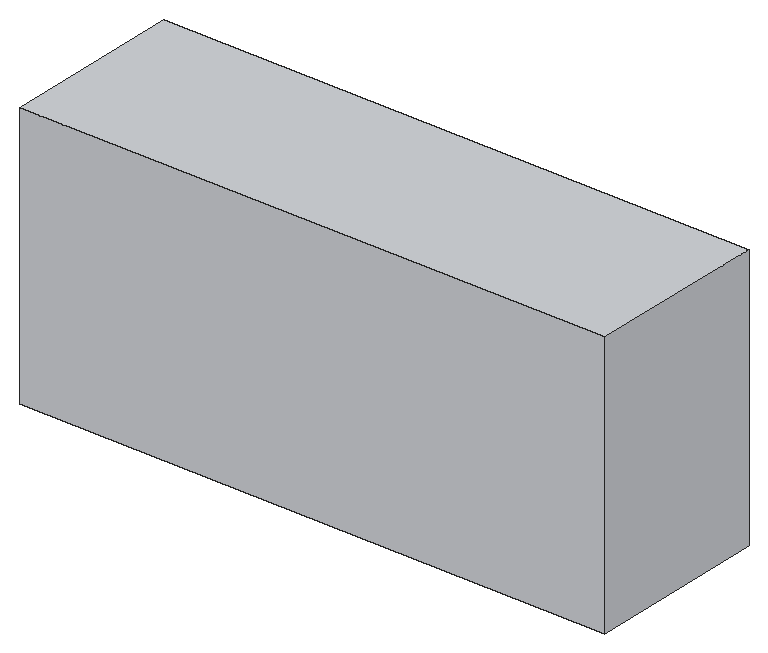
Revit family "Каталка внутрикорпусная", category Оборудование, Revit 2017
Family settings
  Размер круглого соединителя = Использовать диаметр
  Тип детали = Нормальный
  На основе рабочей плоскости = Нет
  Всегда вертикально = Да
  При загрузке вырезать с полостями = Нет
  Общий = Нет
  Точка расчета площади = Нет
Parameters (values of type "Тип")
  Общ_Ширина = 1960.0 mm
  Общ_Тип, марка = "ТВ-ММ мод. 1261"
  Общ_Примечание КР [instance] = ""
  Общ_Примечание АР [instance] = ""
  Общ_Примечание = ""
  Общ_Поставщик = "Меделия"
  Общ_Позиция = ""
  Общ_Наименование = "Тележка внутрикорпусная для транспортировки больных, с двухсекционной мягкой панелью"
  Общ_Масса = ""
  Общ_Код продукции = ""
  Общ_Единицы измерения = "шт."
  Общ_Глубина = 600.0 mm
  Общ_Высота = 890.0 mm
  Keynote = ""
  Model = ""
Reference planes
  plane 1 "По центру (Вперед/Назад)": y = 0
  plane 2: z = 0
  plane 3 "По центру (Влево/Вправо)": x = 0
Forms (mm)
  Extrusion 1, solid
    sketch origin (-980, -300, 0) x (1, 0, 0) y (0, 1, 0)
      loop
        line (0, 0) -> (1960, 0) -> (1960, 600) -> (0, 600) -> (0, 0)
    from 0 to 890
Dimensions and locks
  aligned and locked: level to plane 2
